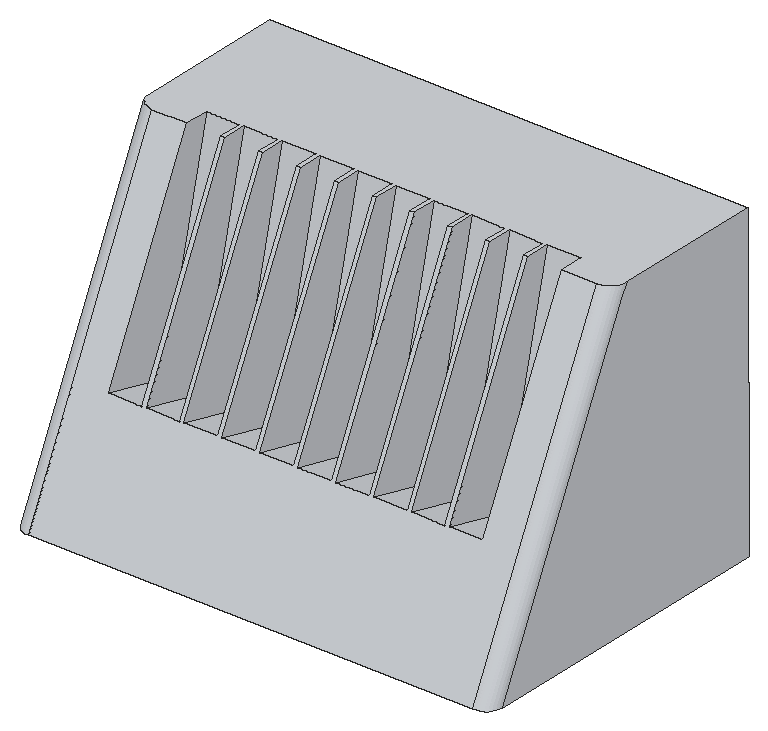
Revit family "NAR LED WALL PACK", category Lighting Fixtures, Revit 2022
Family settings
  Round Connector Dimension = Use Diameter
  Part Type = Normal
  OmniClass Number = 23.80.70.00
  OmniClass Title = Lighting
  Work Plane-Based = No
  Always vertical = Yes
  Cut with Voids When Loaded = No
  Light Source = Yes
  Maintain Annotation Orientation = No
  Shared = No
  Room Calculation Point = No
Parameters (values of type "NAR-150SP-150W-3000K")
  Wattage Comments = "150W"
  Wattage = 134.642 W
  built-in parameter 1150110 = 1 (stored number, unit not read)
  URL = "https://www.abovealllighting.com/Product/LED-OUTDOOR-FIXTURES/LED-WALL-PACK/NARLEDWALLPACK.html"
  built-in parameter 1114217 = 1 (stored number, unit not read)
  Top = 0' - 5"
  Tilt Angle = 90.00°
  built-in parameter 1150109 = 1 (stored number, unit not read)
  built-in parameter 1150134 = (empty or 0)
  built-in parameter 1150113 = 1 (stored number, unit not read)
  Power Factor = "0.9"
  Photometric Web File = "NAR_80SP_SW1_BK__150W_3000K_.ies"
  Model = "NAR-150SP-SW1-BK"
  Manufacturer = "Above All Lighting"  # constant formula
  Lumens = 20000 lm
  built-in parameter 1150115 = 1 (stored number, unit not read)
  built-in parameter 1150105 = 8034.1 (stored number, unit not read)
  Load Classification = Lighting
  built-in parameter 1150137 = (empty or 0)
  built-in parameter 1150139 = (empty or 0)
  built-in parameter 1150112 = 1 (stored number, unit not read)
  built-in parameter 1150114 = 1 (stored number, unit not read)
  Lamp = "LED"
  Input Voltage = "120-277V"
  built-in parameter 1150132 = 2
  built-in parameter 1150102 = (empty or 0)
  built-in parameter 1150138 = (empty or 0)
  built-in parameter 1150107 = 3000 (stored number, unit not read)
  built-in parameter 1150106 = 80.341 (stored number, unit not read)
  IP Rating = "65"
  built-in parameter 1150104 = 13.8 (stored number, unit not read)
  Dimming Lamp Color Temperature Shift = <None>
  Default Elevation = 3' - 0"
  Color Filter = 16777215
  CRI = "70"
  Bottom = 0' - 9 77/128"
  built-in parameter 1114218 = 1 (stored number, unit not read)
  built-in parameter 1150133 = 10 (stored number, unit not read)
Types (7): name | Wattage Comments | Wattage | Top | Photometric Web File | Model | Lumens | built-in parameter 1150105 | built-in parameter 1150106 | Bottom
  (no name) | "150W" | 134.642 W | 0' - 5" | "NAR_80SP_SW1_BK__150W_3000K_.ies" | "NAR-150SP-SW1-BK" | 20000 lm | 8034.1 (stored number, unit not read) | 80.341 (stored number, unit not read) | 0' - 9 77/128"
  NAR-80SP-40W-3000K | "40W" | 34.3337 W | 0' - 4.2" | "NAR_80SP_SW1_BK__40W_3000K_.ies" | "NAR-80SP-SW1-BK" | 5100 lm | 405.85 (stored number, unit not read) | 4.0585 (stored number, unit not read) | 0' - 6 1/2"
  NAR-80SP-60W-3000K | "60W" | 54.53 W | 0' - 4.2" | "NAR_80SP_SW1_BK__60W_3000K_.ies" | "NAR-80SP-SW1-BK" | 8100 lm | 3427.7 (stored number, unit not read) | 34.277 (stored number, unit not read) | 0' - 6 1/2"
  NAR-80SP-80W-3000K | "80W" | 70.0139 W | 0' - 4.2" | "NAR_80SP_SW1_BK__80W_3000K_.ies" | "NAR-80SP-SW1-BK" | 10400 lm | 4373.5 (stored number, unit not read) | 43.735 (stored number, unit not read) | 0' - 6 1/2"
  NAR-150SP-100W-3000K | "100W" | 70.0139 W | 0' - 5" | "NAR_80SP_SW1_BK__100W_3000K_.ies" | "NAR-150SP-SW1-BK" | 10400 lm | 4373.5 (stored number, unit not read) | 43.735 (stored number, unit not read) | 0' - 9 77/128"
  NAR-150SP-120W-3000K | "120W" | 110.407 W | 0' - 5" | "NAR_80SP_SW1_BK__120W_3000K_.ies" | "NAR-150SP-SW1-BK" | 16400 lm | 6570.8 (stored number, unit not read) | 65.708 (stored number, unit not read) | 0' - 9 77/128"
  NAR-150SP-150W-3000K | "150W" | 134.642 W | 0' - 5" | "NAR_80SP_SW1_BK__150W_3000K_.ies" | "NAR-150SP-SW1-BK" | 20000 lm | 8034.1 (stored number, unit not read) | 80.341 (stored number, unit not read) | 0' - 9 77/128"
Reference planes (in)
  plane 1 "Light Source Axis (F/B)": y = 0
  plane 2: z = 0
  plane 3 "Light Source Axis (L/R)": x = 0
  plane 4 "Light Source Elevation": z = 54
  plane 5: x = -7.1
  plane 6: x = 7.1
  plane 7: z = 63.3
  plane 8: y = 5
  plane 9: y = -4.60156
Forms (in)
  Blend 1, solid
    base sketch origin (0, 4.2, 0) x (-1, 0, 0) y (0, -1, 0)
      loop
        line (-7.1, -0.8) -> (7.1, -0.8) -> (7.1, 8.30156)
        arc (7.1, 8.30156) -> (6.95355, 8.65512) -> (6.6, 8.80156) r 0.5
        line (6.6, 8.80156) -> (-6.6, 8.80156)
        arc (-6.6, 8.80156) -> (-6.95355, 8.65512) -> (-7.1, 8.30156) r 0.5
        line (-7.1, 8.30156) -> (-7.1, -0.8)
    top sketch origin (0, 4.2, 0) x (-1, 0, 0) y (0, -1, 0)
      loop
        line (-7.1, -0.8) -> (7.1, -0.8) -> (7.1, 3.7)
        arc (7.1, 3.7) -> (6.95355, 4.05355) -> (6.6, 4.2) r 0.5
        line (6.6, 4.2) -> (-6.6, 4.2)
        arc (-6.6, 4.2) -> (-6.95355, 4.05355) -> (-7.1, 3.7) r 0.5
        line (-7.1, 3.7) -> (-7.1, -0.8)
    from 54 to 63.3
  Extrusion 2, void
    sketch origin (0, -9.77232, 0.30462) x (1, 0, 0) y (0, 0.241922, 0.970296)
      loop
        line (-4.4375, 63.6735) -> (-4.4375, 57.05) -> (-3.4375, 57.05) -> (-3.4375, 63.6735) -> (-4.4375, 63.6735)
      loop
        line (-2.3125, 63.69384) -> (-3.3125, 63.69384) -> (-3.3125, 57.05) -> (-2.3125, 57.05) -> (-2.3125, 63.69384)
      loop
        line (-0.0625, 63.68404) -> (-1.0625, 63.68404) -> (-1.0625, 57.05) -> (-0.0625, 57.05) -> (-0.0625, 63.68404)
      loop
        line (-2.1875, 63.69383) -> (-2.1875, 57.05) -> (-1.1875, 57.05) -> (-1.1875, 63.69383) -> (-2.1875, 63.69383)
      loop
        line (4.4375, 63.68656) -> (3.4375, 63.68656) -> (3.4375, 57.05) -> (4.4375, 57.05) -> (4.4375, 63.68656)
      loop
        line (2.3125, 63.68516) -> (2.3125, 57.05) -> (3.3125, 57.05) -> (3.3125, 63.68516) -> (2.3125, 63.68516)
      loop
        line (0.0625, 63.68131) -> (0.0625, 57.05) -> (1.0625, 57.05) -> (1.0625, 63.68131) -> (0.0625, 63.68131)
      loop
        line (2.1875, 63.69527) -> (1.1875, 63.69527) -> (1.1875, 57.05) -> (2.1875, 57.05) -> (2.1875, 63.69527)
      loop
        line (5.5625, 63.67932) -> (4.5625, 63.67932) -> (4.5625, 57.05) -> (5.5625, 57.05) -> (5.5625, 63.67932)
      loop
        line (-5.5625, 63.68803) -> (-5.5625, 57.05) -> (-4.5625, 57.05) -> (-4.5625, 63.68803) -> (-5.5625, 63.68803)
    from 5.06922 to 10.52683
  Extrusion 3, void
    sketch origin (0, 4.2, 54) x (1, 0, 0) y (0, 1, 0)
      loop
        arc (-6.1092, -2.02284) -> (-6.46275, -2.16929) -> (-6.6092, -2.52284) r 0.5
        line (-6.6092, -2.52284) -> (-6.6092, -7.73181)
        arc (-6.6092, -7.73181) -> (-6.46275, -8.08536) -> (-6.1092, -8.23181) r 0.5
        line (-6.1092, -8.23181) -> (6.04519, -8.23181)
        arc (6.04519, -8.23181) -> (6.39875, -8.08536) -> (6.54519, -7.73181) r 0.5
        line (6.54519, -7.73181) -> (6.54519, -2.52284)
        arc (6.54519, -2.52284) -> (6.39875, -2.16929) -> (6.04519, -2.02284) r 0.5
        line (6.04519, -2.02284) -> (-6.1092, -2.02284)
    from 0 to 0.5
  Extrusion 4, solid, material "Glass, White, High Luminance"
    sketch origin (0, 4.2, 54) x (1, 0, 0) y (0, 1, 0)
      loop
        line (-6.6092, -2.52284) -> (-6.6092, -7.73181)
        arc (-6.6092, -7.73181) -> (-6.46275, -8.08536) -> (-6.1092, -8.23181) r 0.5
        line (-6.1092, -8.23181) -> (6.04519, -8.23181)
        arc (6.04519, -8.23181) -> (6.39875, -8.08536) -> (6.54519, -7.73181) r 0.5
        line (6.54519, -7.73181) -> (6.54519, -2.52284)
        arc (6.54519, -2.52284) -> (6.39875, -2.16929) -> (6.04519, -2.02284) r 0.5
        line (6.04519, -2.02284) -> (-6.1092, -2.02284)
        arc (-6.1092, -2.02284) -> (-6.46275, -2.16929) -> (-6.6092, -2.52284) r 0.5
    from 0 to 0.25
Cuts and joins
  Extrusion 2, Extrusion 3 cuts Blend 1
Dimensions and locks (in)
  "Top": plane 8 to plane 1 "Light Source Axis (F/B)"
  "Bottom": plane 8 to plane 9
  aligned and locked: plane 4 "Light Source Elevation" to imposter light
  aligned and locked: level to plane 2
Automatic sketch dimensions
  Blend 1 sketch curve to plane 6 = 0' - 0"  (x2)
  plane 9 to Blend 1 sketch curve = 0' - 0"
  Blend 1 sketch curve to plane 5 = 0' - 0"  (x2)
  plane 8 to Blend 1 sketch curve = 0' - 0"  (x2)
  plane 6 to Blend 1 sketch curve = 0' - 0 1/2"  (x2)
  Blend 1 sketch curve to Blend 1 sketch curve = 0' - 0 1/2"  (x2)
  plane 1 "Light Source Axis (F/B)" to Blend 1 sketch curve = 0' - 0"
  plane 5 to Extrusion 2 sketch curve = 0' - 1.5375"
  Extrusion 2 sketch curve to Extrusion 2 sketch curve = 0' - 1"  (x9)
  Extrusion 2 sketch curve to Extrusion 2 sketch curve = 0' - 0 1/8"  (x8)
  Extrusion 2 sketch curve to plane 3 "Light Source Axis (L/R)" = 0' - 0 1/16"
  plane 3 "Light Source Axis (L/R)" to Extrusion 2 sketch curve = 0' - 0 1/16"
  Extrusion 2 sketch curve to Extrusion 2 sketch curve = 0' - 0"  (x10)
  Extrusion 2 sketch curve to Extrusion 2 sketch curve = 0' - 6.6235"
  Extrusion 2 sketch curve to Extrusion 2 sketch curve = 0' - 6.62932"
  Extrusion 2 sketch curve to Extrusion 2 sketch curve = 0' - 0 1/128"
  Extrusion 2 sketch curve to Extrusion 2 sketch curve = 0' - 0.00272"
  Extrusion 2 sketch curve to Extrusion 2 sketch curve = 0' - 0.00584"
  Extrusion 2 sketch curve to Extrusion 2 sketch curve = 0' - 0.0014"
  Extrusion 2 sketch curve to Extrusion 2 sketch curve = 0' - 0.01453"
  Extrusion 2 sketch curve to Extrusion 2 sketch curve = 0' - 0.00979"
  Extrusion 2 sketch curve to Extrusion 2 sketch curve = 0' - 0.01396"
  plane 5 to Extrusion 3 sketch curve = 0' - 0.4908"
  Extrusion 3 sketch curve to Extrusion 3 sketch curve = 0' - 0 1/2"  (x3)
  Extrusion 3 sketch curve to plane 9 = 0' - 0.56975"
  plane 6 to Extrusion 3 sketch curve = 0' - 1.05481"  (x2)
  Extrusion 3 sketch curve to plane 1 "Light Source Axis (F/B)" = 0' - 1.67716"
  plane 5 to Extrusion 4 sketch curve = 0' - 0.4908"
  Extrusion 4 sketch curve to Extrusion 4 sketch curve = 0' - 0 1/2"  (x3)
  plane 6 to Extrusion 4 sketch curve = 0' - 1.05481"  (x2)
  Extrusion 4 sketch curve to plane 9 = 0' - 0.56975"
  Extrusion 4 sketch curve to plane 1 "Light Source Axis (F/B)" = 0' - 1.67716"
